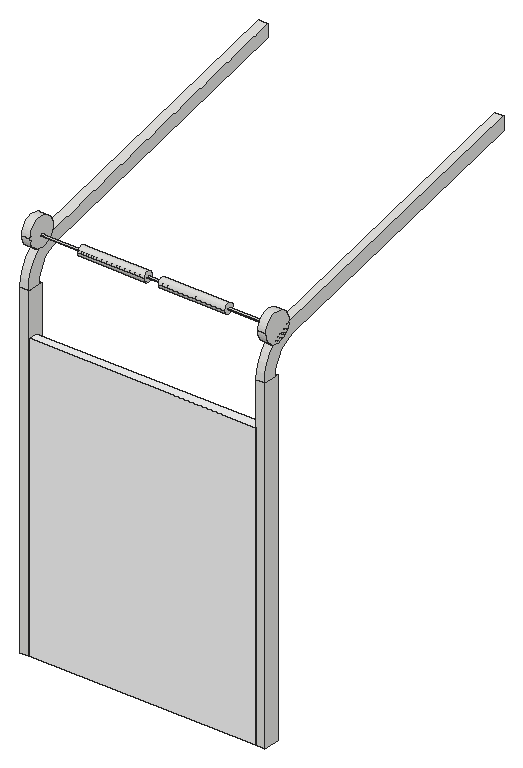
Revit family "Thermalweight-LH-312P", category Generic Models, host Wall, Revit 2026
Family settings
  Host = Wall
  Can host rebar = No
  Round Connector Dimension = Use Diameter
  Part Type = Normal
  Always vertical = Yes
  Cut with Voids When Loaded = Yes
  Maintain Annotation Orientation = No
  Shared = No
  Room Calculation Point = No
Parameters (values of type "8' x 10'")
  VerticalTrack = TrackHeight - (1' 6")  # 11' - 6"
  Type Comments = "Insulated"  # constant formula
  TrackWidth = 0' - 3 1/2"
  TrackHeight = OpeningHeight + HeadRoom  # 13' - 0"
  TrackDepth = 0' - 6 7/8"  # constant formula
  PanelSize = 2' - 0"  # constant formula
  OpeningWidth = 8' - 0"
  OpeningHeight = 10' - 0"
  Model = "Thermalweight"  # constant formula
  Manufacturer = "TKO"  # constant formula
  HorizTrack = OpeningHeight - HeadRoom + 2' 0"  # 9' - 0"
  HeadRoom = 3' - 0"  # constant formula
  DoorThk = 0' - 4"  # constant formula
  Description = "Sectional Door"  # constant formula
  Default Elevation = 0' - 0"
Types (16): name | VerticalTrack | TrackHeight | OpeningWidth | OpeningHeight | HorizTrack
  (no name) | 11' - 6" | 13' - 0" | 8' - 0" | 10' - 0" | 9' - 0"
  8' x 10' | 11' - 6" | 13' - 0" | 8' - 0" | 10' - 0" | 9' - 0"
  9' x 10' | 11' - 6" | 13' - 0" | 9' - 0" | 10' - 0" | 9' - 0"
  10' x 10' | 11' - 6" | 13' - 0" | 10' - 0" | 10' - 0" | 9' - 0"
  10' x 11' | 12' - 6" | 14' - 0" | 10' - 0" | 11' - 0" | 10' - 0"
  9' x 11' | 12' - 6" | 14' - 0" | 9' - 0" | 11' - 0" | 10' - 0"
  8' x 11' | 12' - 6" | 14' - 0" | 8' - 0" | 11' - 0" | 10' - 0"
  10' x 12' | 13' - 6" | 15' - 0" | 10' - 0" | 12' - 0" | 11' - 0"
  8' x 12' | 13' - 6" | 15' - 0" | 8' - 0" | 12' - 0" | 11' - 0"
  9' x 12' | 13' - 6" | 15' - 0" | 9' - 0" | 12' - 0" | 11' - 0"
  10' x 8' | 9' - 6" | 11' - 0" | 10' - 0" | 8' - 0" | 7' - 0"
  10' x 9' | 10' - 6" | 12' - 0" | 10' - 0" | 9' - 0" | 8' - 0"
  8' x 9' | 10' - 6" | 12' - 0" | 8' - 0" | 9' - 0" | 8' - 0"
  8' x 8' | 9' - 6" | 11' - 0" | 8' - 0" | 8' - 0" | 7' - 0"
  9' x 9' | 10' - 6" | 12' - 0" | 9' - 0" | 9' - 0" | 8' - 0"
  9' x 8' | 10' - 6" | 12' - 0" | 9' - 0" | 9' - 0" | 8' - 0"
Reference planes (in)
  plane 1: y = 0
  plane 2 "Center (Left/Right)": x = 0
  plane 3 "Wall Edge": y = 3
  plane 4: x = -48
  plane 5: x = 48
  plane 6: z = 120
  plane 7: y = 3
  plane 8: y = 7
  plane 9: z = 24
  plane 10: z = 48
  plane 11: z = 72
  plane 12: x = -51.5
  plane 13: x = 51.5
  plane 14: y = 9.875
  plane 15: z = 156
  plane 16: z = 96
  plane 17: z = 120
  plane 18: x = -3
  plane 19: x = 3
  plane 20: x = 31
  plane 21: x = -31
  plane 22: z = 138
  plane 23: y = 21
  plane 24: y = 129
  plane 25: y = 12
Forms (in)
  Extrusion 1, void
    sketch origin (0, 3, 0) x (1, 0, 0) y (0, 0, 1)
      loop
        line (48, 120) -> (-48, 120) -> (-48, 0) -> (48, 0) -> (48, 120)
    from 0 to 6
  Extrusion 2, solid, material "DOOR PANEL"
    sketch origin (0, 0, 0) x (1, 0, 0) y (0, 1, 0)
      loop
        line (-48, 7) -> (-48, 3) -> (48, 3) -> (48, 7) -> (-48, 7)
    from 0 to 120
  Extrusion 3, solid, material "Steel"
    sketch origin (0, 0, 0) x (1, 0, 0) y (0, 1, 0)
      loop
        line (-51.5, 9.875) -> (-51.5, 3) -> (-48, 3) -> (-48, 9.875) -> (-51.5, 9.875)
      loop
        line (48, 9.875) -> (48, 3) -> (51.5, 3) -> (51.5, 9.875) -> (48, 9.875)
    from 0 to 138
  Extrusion 4, solid, material "Steel"
    sketch origin (0, 0, 0) x (0, 1, 0) y (0, 0, 1)
      loop
        circle (9.875, 156) r 6
    from 48 to 51.5
  Extrusion 5, solid, material "Steel"
    sketch origin (-20.31666, 0, 1.16483) x (0, 1, 0) y (0, 0, -1)
      loop
        circle (9.875, -156) r 6
    from 27.68334 to 31.18334
  Extrusion 6, solid, material "Steel"
    sketch origin (0, 0, 0) x (0, 1, 0) y (0, 0, 1)
      loop
        circle (9.875, 156) r 0.5
    from -48 to 48
  Extrusion 7, solid, material "Steel"
    sketch origin (0, 0, 0) x (0, 1, 0) y (0, 0, 1)
      loop
        circle (9.875, 156) r 2
    from 3 to 31
  Extrusion 8, solid, material "Steel"
    sketch origin (0, 0, 0) x (0, 1, 0) y (0, 0, -1)
      loop
        circle (9.875, -156) r 2
    from 3 to 31
  Extrusion 9, solid, material "Steel"
    sketch origin (0, 0, 0) x (0, 1, 0) y (0, 0, 1)
      loop
        line (3, 138) -> (8.375, 138)
        arc (8.375, 138) -> (11.05136, 145.77273) -> (17.94574, 150.24998) r 12.625
        line (17.94574, 150.24998) -> (129, 177.93892) -> (129, 183.47847) -> (16.64541, 155.46532)
        arc (16.64541, 155.46532) -> (6.81581, 149.08191) -> (3, 138) r 18
    from 48 to 51.5
  Extrusion 10, solid, material "Steel"
    sketch origin (0, 0, 0) x (0, 1, 0) y (0, 0, -1)
      loop
        arc (3, -138) -> (6.81581, -149.08191) -> (16.64541, -155.46532) r 18
        line (16.64541, -155.46532) -> (129, -183.47847) -> (129, -177.93892) -> (17.94574, -150.24998)
        arc (17.94574, -150.24998) -> (11.05136, -145.77273) -> (8.375, -138) r 12.625
        line (8.375, -138) -> (3, -138)
    from 48 to 51.5
Cuts and joins
  joined: Extrusion 3, Extrusion 4, Extrusion 5
Lines and regions (in)
  model lines
    curve 1: line (48, 3, 24) -> (-48, 3, 24)
    curve 2: line (-48, 3, 48) -> (48, 3, 48)
    curve 3: line (48, 3, 72) -> (-48, 3, 72)
    curve 4: line (48, 3, 96) -> (-48, 3, 96)
    curve 5: line (48, 3, 120) -> (-48, 3, 120)
Text (in)
  text "Placement Side" at (0, 40.15149, 123.01588), in view "Right"
  text "Placement Side" at (-70.3804, 83.26548, 0), in view "Ref. Level"
  text "Placement Side" at (0, 81.62555, 140.59947), in view "Left"
Dimensions and locks (in)
  locked: plane 3 "Wall Edge" to host wall
  equal spacing: plane 5, plane 2 "Center (Left/Right)", plane 4
  "OpeningWidth": plane 5 to plane 4
  "DoorThk": plane 7 to plane 8
  "TrackDepth": plane 14 to plane 7
  "TrackWidth": plane 12 to plane 4
  "TrackWidth": plane 5 to plane 13
  "PanelSize": plane 9 to level
  equal spacing: plane 17, plane 16, plane 11, plane 10, plane 9, level
  "OpeningHeight": level to plane 6
  equal spacing: plane 18, plane 2 "Center (Left/Right)", plane 19, locked at 3 each
  locked: plane 21 to plane 18 at 28
  locked: plane 19 to plane 20 at 28
  "VerticalTrack": level to plane 22
  "HeadRoom": plane 6 to plane 15
  locked: plane 7 to plane 23 at 18
  "HorizTrack": plane 24 to plane 23
  locked: plane 7 to plane 25 at 9
  radius of Extrusion 4 sketch curve = 0' - 6"
  radius of Extrusion 5 sketch curve = 0' - 6"
  radius of Extrusion 6 sketch curve = 0' - 0 1/2"
  radius of Extrusion 7 sketch curve = 0' - 2"
  radius of Extrusion 8 sketch curve = 0' - 2"
  radius of Extrusion 9 sketch curve = 1' - 6"
  radius of Extrusion 9 sketch curve = 1' - 0 5/8"
  radius of Extrusion 10 sketch curve = 1' - 6"
  radius of Extrusion 10 sketch curve = 1' - 0 5/8"
  locked: plane 22 to Extrusion 9 sketch curve (angle 14.00°)  (x2)
  aligned and locked: host wall to plane 7
  aligned and locked: Extrusion 1 sketch curve to plane 5
  aligned and locked: Extrusion 1 sketch curve to plane 4
  aligned and locked: Extrusion 1 to plane 7
  aligned and locked: host wall to Extrusion 1
  aligned and locked: Extrusion 2 to plane 3 "Wall Edge"
  aligned and locked: plane 8 to Extrusion 2
  aligned and locked: Extrusion 2 to plane 6
  aligned and locked: Extrusion 3 sketch curve to plane 14  (x2)
  aligned and locked: Extrusion 3 sketch curve to plane 12
  aligned and locked: curve 1 to Extrusion 3 sketch curve
  aligned and locked: plane 5 to Extrusion 3 sketch curve
  aligned and locked: Extrusion 3 sketch curve to plane 7
  aligned and locked: Extrusion 3 sketch curve to plane 13
  aligned and locked: plane 15 to Extrusion 4 sketch curve
  aligned and locked: Extrusion 3 to Extrusion 4 sketch curve
  aligned and locked: plane 13 to Extrusion 4
  aligned and locked: Extrusion 4 to plane 5
  aligned and locked: plane 4 to Extrusion 5
  aligned and locked: Extrusion 5 to plane 12
  aligned and locked: curve 2 to plane 10
  aligned and locked: curve 3 to plane 11
  aligned and locked: curve 1 to plane 9
  aligned and locked: cut or joined group of Extrusion 3, Extrusion 4, Extrusion 5 to Extrusion 6 sketch curve
  aligned and locked: plane 5 to Extrusion 6
  aligned and locked: Extrusion 6 to plane 4
  aligned and locked: cut or joined group of Extrusion 3, Extrusion 4, Extrusion 5 to level
  aligned and locked: Extrusion 2 to level
  aligned and locked: curve 4 to plane 16
  aligned and locked: curve 5 to plane 17
  aligned and locked: level to Extrusion 2
  aligned and locked: Extrusion 1 sketch curve to level
  aligned and locked: Extrusion 1 sketch curve to plane 6
  aligned and locked: plane 15 to Extrusion 7 sketch curve
  aligned and locked: plane 14 to Extrusion 7 sketch curve
  aligned and locked: Extrusion 7 to plane 20
  aligned and locked: plane 19 to Extrusion 7
  aligned and locked: Extrusion 8 to plane 18
  aligned and locked: plane 21 to Extrusion 8
  aligned and locked: plane 15 to Extrusion 8 sketch curve
  aligned and locked: Extrusion 8 sketch curve to plane 14
  aligned and locked: plane 22 to cut or joined group of Extrusion 3, Extrusion 4, Extrusion 5
  aligned and locked: Extrusion 9 sketch curve to cut or joined group of Extrusion 3, Extrusion 4, Extrusion 5
  aligned and locked: plane 24 to Extrusion 9 sketch curve
  aligned and locked: plane 22 to Extrusion 9 sketch curve
  aligned and locked: plane 13 to Extrusion 9
  aligned and locked: Extrusion 9 to plane 5
  aligned and locked: Extrusion 10 to plane 12
  aligned and locked: plane 4 to Extrusion 10
  aligned and locked: plane 24 to Extrusion 10
  aligned and locked: Extrusion 10 to plane 22
  aligned and locked: Extrusion 9 to Extrusion 10  (x2)
  aligned and locked: Extrusion 9 to plane 22
  aligned and locked: plane 24 to Extrusion 9
  aligned and locked: Extrusion 10 sketch curve to Extrusion 9  (x2)
  aligned and locked: Extrusion 10 sketch curve to plane 24
  aligned and locked: Extrusion 10 sketch curve to plane 22
  aligned and locked: plane 4 to cut or joined group of Extrusion 3, Extrusion 4, Extrusion 5
Automatic sketch dimensions
  Extrusion 2 sketch curve to host wall = 0' - 0"
  Extrusion 2 sketch curve to plane 4 = 0' - 0"
  Extrusion 2 sketch curve to plane 5 = 0' - 0"
  Extrusion 2 sketch curve to plane 8 = 0' - 0"
  curve 3 to plane 4 = 0' - 0"
  curve 1 to plane 4 = 0' - 0"
  curve 2 to plane 4 = 0' - 0"
  curve 4 to plane 4 = 0' - 0"
  curve 5 to plane 4 = 0' - 0"
  curve 4 to plane 5 = 0' - 0"
  curve 2 to plane 5 = 0' - 0"
  curve 5 to plane 5 = 0' - 0"
  curve 1 to plane 5 = 0' - 0"
  curve 3 to plane 5 = 0' - 0"
  plane 4 to Extrusion 3 sketch curve = 0' - 0"
  Extrusion 3 sketch curve to plane 13 = 0' - 0"
  Extrusion 5 sketch curve to plane 14 = 0' - 0"
  plane 15 to Extrusion 5 sketch curve = 0' - 1.16483"
  Extrusion 6 sketch curve to plane 15 = 0' - 0"
  Extrusion 9 sketch curve to Extrusion 9 sketch curve = 0' - 0"
  Extrusion 9 sketch curve to host wall = 0' - 0"
  Extrusion 9 sketch curve to plane 15 = 0' - 0.53468"
  Extrusion 9 sketch curve to plane 23 = 0' - 3.05426"
  Extrusion 10 sketch curve to plane 15 = 0' - 0.53468"
  Extrusion 10 sketch curve to plane 23 = 0' - 3.05426"
